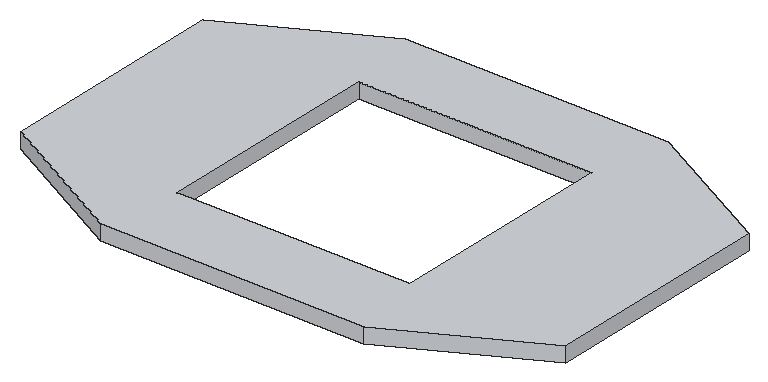
Revit family "Domotics-DomesticRanges-GEWISS-SYSTEM_PLATES_SUPPORT", category Apparecchi elettrici, Revit 2016
Family settings
  Mantenere orientamento annotazione = Sì
  Tipo di parte = Normale
  Quota connettore circolare = Usa diametro
  Basato su piano di lavoro = Sì
  Sempre verticale = Sì
  Taglio con vuoti quando caricato = No
  Condiviso = Sì
  Punto di calcolo locali = Sì
Parameters (values of type "GW24262 - SYSTEM/VIRNA 2-GANG PLATE SUPPORT")
  Version file RFA = "19.4"
  URL = "https://www.gewiss.com/ww/en"
  Technical sheet = "https://www.gewiss.com/ww/en/search?q=GW24262"
  SEO = "Support"
  Realized by GEWISS S.p.A. = ""
  Produttore = "GEWISS S.p.A."
  Modello = "GW24262"
  Immagine tipo = <Nessuno>
  Larghezza supporto = 108 mm
  Larghezza foro = 46 mm
  Default Elevation = 1219.2 mm
  Materiale supporto = GEWISS - ACCIAIO SUPPORTO
  IDT = "fbf3fff7-ec7e-40b6-9c1d-e259ce2b67f9"
  IDF = "bb9d2eda-35e4-4267-a821-72dd6e3d5cd1"
  Fixing = "2 screws (included)"
  Electrocod = "0121                "
  EAN code = "8011564101272"
  Descrizione = "SYSTEM/VIRNA 2-GANG PLATE SUPPORT"
  Description: = "2 gang"
  Characteristics = "Halogen free"
  Catalogue Range = "SYSTEM - Special plates"
  Catalogue = "DOMOTICS"
  COBie.Tagnumber = ""
  COBie.CreatedOn = ""
  COBie.CreatebBy = ""
  COBie.ComponentRegisterItemID = ""
  COBie.Component.TagNumber = ""
  COBie.Component.Space = ""
  COBie.Component.SerialNumber = ""
  COBie.Component.InstallationDate = ""
  COBie.Component.Description = ""
  COBie.Component.BarCode = ""
  Altezza foro = 45 mm
Types (4, lengths in mm): name | Technical sheet | Modello | Larghezza supporto | Larghezza foro | IDT | Fixing | EAN code | Descrizione | Description:
  GW24262 - SYSTEM/VIRNA 2-GANG PLATE SUPPORT | "https://www.gewiss.com/ww/en/search?q=GW24262" | "GW24262" | 108 | 46 | "fbf3fff7-ec7e-40b6-9c1d-e259ce2b67f9" | "2 screws (included)" | "8011564101272" | "SYSTEM/VIRNA 2-GANG PLATE SUPPORT" | "2 gang"
  GW24201 - 3 GANG SUPPORT FOR SYSTEM PLATE | "https://www.gewiss.com/ww/en/search?q=GW24201" | "GW24201" | 108 | 69 | "5ffc1992-6171-4ab2-8e35-1b71e1c135ba" | "2 screws (included)" | "8011564002258" | "3 GANG SUPPORT FOR SYSTEM PLATE" | "3 gang"
  GW24202 - 4 GANG SUPPORT FOR SYSTEM PLATE | "https://www.gewiss.com/ww/en/search?q=GW24202" | "GW24202" | 133 | 92 | "c4469290-23a3-47f2-bc40-726f10578e48" | "2 screws (included)" | "8011564002265" | "4 GANG SUPPORT FOR SYSTEM PLATE" | "4 gang"
  GW24230 - 6 GANG SUPPORT FOR SYSTEM/VIRNA PLATE | "https://www.gewiss.com/ww/en/search?q=GW24230" | "GW24230" | 184 | 138 | "21be2219-7621-450e-8013-b50855c4e16f" | "4 screws (included)" | "8011564055131" | "6 GANG SUPPORT FOR SYSTEM/VIRNA PLATE" | "6 gang"
Reference planes
  plane 1 "Centro (Fronte/Retro)": y = 0
  plane 2: z = 0
  plane 3 "Centro (Sinistra/Destra)": x = 0
  plane 4: z = 3
  plane 5: y = 22.5
  plane 6: y = -22.5
  plane 7: x = 54
  plane 8: x = -54
  plane 9: y = 37.5
  plane 10: y = -37.5
  plane 11: x = -23
  plane 12: x = 23
Forms (mm)
  Extrusion 1, solid
    sketch origin (0, 0, 0) x (1, 0, 0) y (0, 1, 0)
      loop
        line (-54, 22.5) -> (-54, -22.5) -> (-26, -37.5) -> (26, -37.5) -> (54, -22.5) -> (54, 22.5) -> (26, 37.5) -> (-26, 37.5) -> (-54, 22.5)
      loop
        line (-23, 22.5) -> (-23, -22.5) -> (23, -22.5) -> (23, 22.5) -> (-23, 22.5)
    from 0 to 3
Dimensions and locks
  locked: plane 4 to plane 2 at 3
  equal spacing: plane 5, plane 1 "Centro (Fronte/Retro)", plane 6
  "Altezza foro": plane 5 to plane 6
  locked: plane 9 to plane 5 at 15
  locked: plane 6 to plane 10 at 15
  "Larghezza foro": plane 11 to plane 12
  equal spacing: plane 11, plane 3 "Centro (Sinistra/Destra)", plane 12
  "Larghezza supporto": plane 8 to plane 7
  equal spacing: plane 8, plane 3 "Centro (Sinistra/Destra)", plane 7
  aligned and locked: level to plane 2
  aligned and locked: Extrusion 1 sketch curve to plane 9
  aligned and locked: Extrusion 1 sketch curve to plane 7
  aligned and locked: plane 10 to Extrusion 1 sketch curve
  aligned and locked: plane 8 to Extrusion 1 sketch curve
  aligned and locked: Extrusion 1 sketch curve to plane 5
  aligned and locked: plane 11 to Extrusion 1 sketch curve
  aligned and locked: plane 6 to Extrusion 1 sketch curve
  aligned and locked: Extrusion 1 sketch curve to plane 12
  aligned and locked: plane 4 to Extrusion 1
  aligned and locked: Extrusion 1 to plane 8
  aligned and locked: plane 7 to Extrusion 1
Automatic sketch dimensions
  Extrusion 1 sketch curve to plane 6 = 0 mm  (x2)
  Extrusion 1 sketch curve to plane 5 = 0 mm  (x2)
  Extrusion 1 sketch curve to plane 11 = 3 mm  (x2)
  plane 12 to Extrusion 1 sketch curve = 3 mm  (x2)
